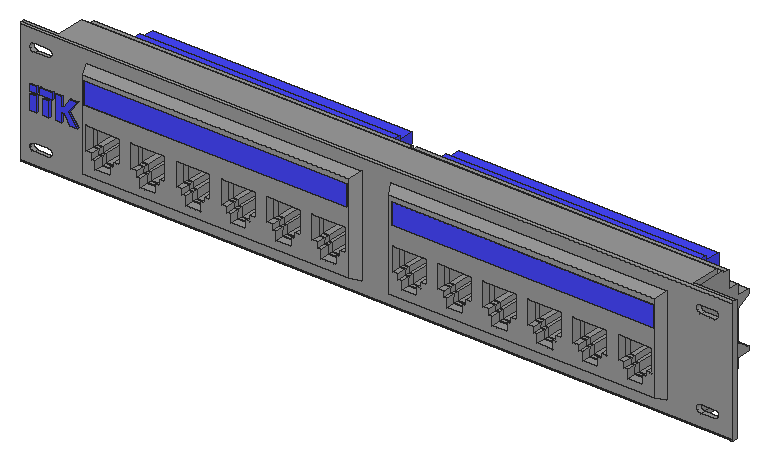
Revit family "ITK_Патч-панель_10-дюймовое крепление_1U_Неэкранированная", category Обобщенные модели, Revit 2019
Family settings
  Может служить основой для арматурных стержней = Нет
  Размер круглого соединителя = Использовать диаметр
  Тип детали = Нормальный
  На основе рабочей плоскости = Нет
  Всегда вертикально = Да
  При загрузке вырезать с полостями = Нет
  Общий = Нет
  Точка расчета площади = Нет
Parameters (values of type "PP12-1UC5EU-D05-10")
  Ширина = 254 mm
  Материал = Окраска - RAL 9005
  Изготовитель = "ITK"  # constant formula
  Дата изменения = ""
  Глубина = 29.7 mm
  Высота = 44.5 mm
  URL = "https://www.iek.ru/"
  KSI_CPr_Строительные изделия = "27.12.31.61.1.04.09-1090"  # constant formula
  KSI_CMa_Строительные материалы = "10.03.02.06"  # constant formula
  IEK_Цена за единицу = 972.95
  IEK_Поиск в таблице имен = ""
  IEK_Описание = "Двойная понятная маркировка IDC-модулей и портов.\r\nРасширенный частотный диапазон работы.\r\nУвеличенное количество циклов включения-отключения.\r\nСовместимы со всеми 10\" шкафами и стойками ITK.\r\nСоответствие международным стандартам и ГОСТ Р."
  IEK_URL = "https://www.itk-group.ru/produktsiya/catalog/oborudovanie_telekommunikatsionnoe/komponenty_sks_mednye/patch_paneli/patch_paneli_10/patch_paneli_10_neekranirovanye_utp/itk_1u_patch_panel_kat_5e_utp_12_portov_10_dual_idc"
  ADSK_Примечание = ""
  ADSK_Позиция [instance] = ""
  ADSK_Наименование = "ITK 1U патч-панель кат.5E UTP 12 портов 10\" Dual IDC"
  ADSK_Материал обозначение = ""
  ADSK_Материал наименование = "Металл и АБС-пластик"  # constant formula
  ADSK_Масса = 0.45
  ADSK_Марка = ""  # constant formula
  ADSK_Код изделия = "PP12-1UC5EU-D05-10"
  ADSK_Завод-изготовитель = "IEK"  # constant formula
  ADSK_Единица измерения = "шт"  # constant formula
  ADSK_Группирование = "I. ЩИТЫ И ПУЛЬТЫ"  # constant formula
  ADSK_Версия семейства = "1.0"  # constant formula
  ADSK_Версия Revit = "2019"  # constant formula
  ADSK_URL страницы изделия = "https://www.itk-group.ru/produktsiya/catalog/oborudovanie_telekommunikatsionnoe/komponenty_sks_mednye/patch_paneli/patch_paneli_10/patch_paneli_10_neekranirovanye_utp/"
Types (2, lengths in mm): name | IEK_Цена за единицу | IEK_URL | ADSK_Код изделия
  PP12-1UC5EU-D05-10 | 972.95 | "https://www.itk-group.ru/produktsiya/catalog/oborudovanie_telekommunikatsionnoe/komponenty_sks_mednye/patch_paneli/patch_paneli_10/patch_paneli_10_neekranirovanye_utp/itk_1u_patch_panel_kat_5e_utp_12_portov_10_dual_idc" | "PP12-1UC5EU-D05-10"
  PP12-1UC06U-D05-10 | 1195.7 | "https://www.itk-group.ru/produktsiya/catalog/oborudovanie_telekommunikatsionnoe/komponenty_sks_mednye/patch_paneli/patch_paneli_10/patch_paneli_10_neekranirovanye_utp/itk_1u_patch_panel_kat_6_utp_12_portov_10_dual_idc" | "PP12-1UC06U-D05-10"
Reference planes
  plane 1 "По центру (Вперед/Назад)": y = 0
  plane 2: z = 0
  plane 3 "По центру (Влево/Вправо)": x = 0
  plane 4: z = 44.5
  plane 5: y = 11.8
  plane 6: x = 118.2
  plane 7: z = 22.25
  plane 8: z = 38.15
  plane 9: z = 6.35
  plane 10: x = -119.5
  plane 11: x = -102
  plane 12: x = 102
  plane 13: z = 28.703
  plane 14: x = -127
  plane 15: x = 127
  plane 16: y = 25.677
Forms (mm)
  Extrusion 1, void
    sketch origin (0, 0, 0) x (1, 0, 0) y (0, 1, 0)
      loop
        line (-127, 11.8) -> (-127, 1.6) -> (-114.4, 1.6) -> (-114.4, 11.8) -> (-127, 11.8)
      loop
        line (127, 11.8) -> (112, 11.8) -> (112, 1.6) -> (127, 1.6) -> (127, 11.8)
    from 0 to 482.6
  Extrusion 2, solid, material "Окраска - RAL 9005" <- "Материал", detail levels fine
    sketch origin (-241.3, 0, 0) x (0, 1, 0) y (0, 0, 1)
      loop
        line (11.8, 44.5) -> (0.523, 44.5)
        arc (0.523, 44.5) -> (0.153, 44.347) -> (0, 43.977) r 0.523
        line (0, 43.977) -> (0, 0.507)
        arc (0, 0.507) -> (0.148, 0.148) -> (0.507, 0) r 0.507
        line (0.507, 0) -> (11.8, 0) -> (11.8, 1.6) -> (2.104, 1.6)
        arc (2.104, 1.6) -> (1.748, 1.748) -> (1.6, 2.104) r 0.504
        line (1.6, 2.104) -> (1.6, 42.358)
        arc (1.6, 42.358) -> (1.759, 42.741) -> (2.142, 42.9) r 0.542
        line (2.142, 42.9) -> (11.8, 42.9) -> (11.8, 44.5)
    from 114.3 to 368.3
  Extrusion 3, void
    sketch origin (0, 0, 0) x (1, 0, 0) y (0, 0, 1)
      loop
        line (120.7, 39.65) -> (115.7, 39.65)
        arc (115.7, 39.65) -> (114.2, 38.15) -> (115.7, 36.65) r 1.5
        line (115.7, 36.65) -> (120.7, 36.65)
        arc (120.7, 36.65) -> (122.2, 38.15) -> (120.7, 39.65) r 1.5
      loop
        arc (120.7, 4.85) -> (122.2, 6.35) -> (120.7, 7.85) r 1.5
        line (120.7, 7.85) -> (115.7, 7.85)
        arc (115.7, 7.85) -> (114.2, 6.35) -> (115.7, 4.85) r 1.5
        line (115.7, 4.85) -> (120.7, 4.85)
      loop
        arc (-122, 39.65) -> (-123.5, 38.15) -> (-122, 36.65) r 1.5
        line (-122, 36.65) -> (-117, 36.65)
        arc (-117, 36.65) -> (-115.5, 38.15) -> (-117, 39.65) r 1.5
        line (-117, 39.65) -> (-122, 39.65)
      loop
        line (-122, 4.85) -> (-117, 4.85)
        arc (-117, 4.85) -> (-115.5, 6.35) -> (-117, 7.85) r 1.5
        line (-117, 7.85) -> (-122, 7.85)
        arc (-122, 7.85) -> (-123.5, 6.35) -> (-122, 4.85) r 1.5
    from 0 to -2
  Extrusion 4, solid, material "Пластик белый", detail levels fine
    sketch origin (0, 0, 0) x (1, 0, 0) y (0, 0, 1)
      loop
        line (-101.609, 28.703) -> (-8.009, 28.703) -> (-8.009, 36.197) -> (-101.609, 36.197) -> (-101.609, 28.703)
      loop
        line (101.609, 28.703) -> (101.609, 36.197) -> (8.009, 36.197) -> (8.009, 28.703) -> (101.609, 28.703)
    from 3.3 to 0
  Extrusion 5, void
    sketch origin (0, 0, 0) x (1, 0, 0) y (0, 0, 1)
      loop
        line (-101.609, 36.197) -> (-101.609, 28.703) -> (-8.009, 28.703) -> (-8.009, 36.197) -> (-101.609, 36.197)
      loop
        line (101.609, 36.197) -> (8.009, 36.197) -> (8.009, 28.703) -> (101.609, 28.703) -> (101.609, 36.197)
    from 0.831 to 3.3
  Extrusion 6, void
    sketch origin (0, 0, 0) x (1, 0, 0) y (0, 0, 1)
      loop
        line (-100.954, 22.25) -> (-100.954, 13.941) -> (-98.938, 13.941) -> (-98.938, 12.066) -> (-97.693, 12.066) -> (-97.693, 9.145) -> (-92.157, 9.145) -> (-92.157, 12.066) -> (-90.913, 12.066) -> (-90.913, 13.941) -> (-88.896, 13.941) -> (-88.896, 22.25) -> (-100.954, 22.25)
      loop
        line (-24.446, 22.25) -> (-36.504, 22.25) -> (-36.504, 13.941) -> (-34.487, 13.941) -> (-34.487, 12.066) -> (-33.243, 12.066) -> (-33.243, 9.145) -> (-27.707, 9.145) -> (-27.707, 12.066) -> (-26.462, 12.066) -> (-26.462, 13.941) -> (-24.446, 13.941) -> (-24.446, 22.25)
      loop
        line (-68.729, 22.25) -> (-68.729, 13.941) -> (-66.712, 13.941) -> (-66.712, 12.066) -> (-65.468, 12.066) -> (-65.468, 9.145) -> (-59.932, 9.145) -> (-59.932, 12.066) -> (-58.688, 12.066) -> (-58.688, 13.941) -> (-56.671, 13.941) -> (-56.671, 22.25) -> (-68.729, 22.25)
      loop
        line (-84.842, 22.25) -> (-84.842, 13.941) -> (-82.825, 13.941) -> (-82.825, 12.066) -> (-81.581, 12.066) -> (-81.581, 9.145) -> (-76.045, 9.145) -> (-76.045, 12.066) -> (-74.8, 12.066) -> (-74.8, 13.941) -> (-72.783, 13.941) -> (-72.783, 22.25) -> (-84.842, 22.25)
      loop
        line (-40.558, 22.25) -> (-52.617, 22.25) -> (-52.617, 13.941) -> (-50.6, 13.941) -> (-50.6, 12.066) -> (-49.355, 12.066) -> (-49.355, 9.145) -> (-43.819, 9.145) -> (-43.819, 12.066) -> (-42.575, 12.066) -> (-42.575, 13.941) -> (-40.558, 13.941) -> (-40.558, 22.25)
      loop
        line (-8.333, 22.25) -> (-20.391, 22.25) -> (-20.391, 13.941) -> (-18.374, 13.941) -> (-18.374, 12.066) -> (-17.13, 12.066) -> (-17.13, 9.145) -> (-11.594, 9.145) -> (-11.594, 12.066) -> (-10.35, 12.066) -> (-10.35, 13.941) -> (-8.333, 13.941) -> (-8.333, 22.25)
      loop
        line (100.954, 22.25) -> (88.896, 22.25) -> (88.896, 13.941) -> (90.913, 13.941) -> (90.913, 12.066) -> (92.157, 12.066) -> (92.157, 9.145) -> (97.693, 9.145) -> (97.693, 12.066) -> (98.938, 12.066) -> (98.938, 13.941) -> (100.954, 13.941) -> (100.954, 22.25)
      loop
        line (24.446, 22.25) -> (24.446, 13.941) -> (26.462, 13.941) -> (26.462, 12.066) -> (27.707, 12.066) -> (27.707, 9.145) -> (33.243, 9.145) -> (33.243, 12.066) -> (34.487, 12.066) -> (34.487, 13.941) -> (36.504, 13.941) -> (36.504, 22.25) -> (24.446, 22.25)
      loop
        line (68.729, 22.25) -> (56.671, 22.25) -> (56.671, 13.941) -> (58.688, 13.941) -> (58.688, 12.066) -> (59.932, 12.066) -> (59.932, 9.145) -> (65.468, 9.145) -> (65.468, 12.066) -> (66.712, 12.066) -> (66.712, 13.941) -> (68.729, 13.941) -> (68.729, 22.25)
      loop
        line (84.842, 22.25) -> (72.783, 22.25) -> (72.783, 13.941) -> (74.8, 13.941) -> (74.8, 12.066) -> (76.045, 12.066) -> (76.045, 9.145) -> (81.581, 9.145) -> (81.581, 12.066) -> (82.825, 12.066) -> (82.825, 13.941) -> (84.842, 13.941) -> (84.842, 22.25)
      loop
        line (40.558, 22.25) -> (40.558, 13.941) -> (42.575, 13.941) -> (42.575, 12.066) -> (43.819, 12.066) -> (43.819, 9.145) -> (49.355, 9.145) -> (49.355, 12.066) -> (50.6, 12.066) -> (50.6, 13.941) -> (52.617, 13.941) -> (52.617, 22.25) -> (40.558, 22.25)
      loop
        line (8.333, 22.25) -> (8.333, 13.941) -> (10.35, 13.941) -> (10.35, 12.066) -> (11.594, 12.066) -> (11.594, 9.145) -> (17.13, 9.145) -> (17.13, 12.066) -> (18.374, 12.066) -> (18.374, 13.941) -> (20.391, 13.941) -> (20.391, 22.25) -> (8.333, 22.25)
    from 3.3 to -15
  Extrusion 7, solid, material "Условный материал-отделка", detail levels coarse+medium
    sketch origin (0, 0, 0) x (1, 0, 0) y (0, 0, 1)
      loop
        line (-127, 44.5) -> (-127, 0) -> (127, 0) -> (127, 44.5) -> (-127, 44.5)
    from -26.337 to 0
  Extrusion 8, solid, material "Пластик белый", detail levels fine
    sketch origin (-229.749, 0, 18.183) x (1, 0, 0) y (0, 0, 1)
      loop
        line (106.676, 5.29) -> (106.676, 0) -> (108.988, 0) -> (108.988, 5.29) -> (106.676, 5.29)
      loop
        line (113.492, 5.29) -> (111.314, 5.29) -> (111.314, 0) -> (113.492, 0) -> (113.492, 5.29)
      loop
        line (106.676, 6.027) -> (108.988, 6.027) -> (108.988, 8.272) -> (106.676, 8.272) -> (106.676, 6.027)
      loop
        line (115.867, 8.272) -> (115.867, 0) -> (118.047, 0) -> (118.047, 3.101) -> (118.88, 3.101) -> (120.894, 0) -> (123.551, 0) -> (120.541, 4.142) -> (123.551, 8.272) -> (120.894, 8.272) -> (118.88, 5.17) -> (118.047, 5.17) -> (118.047, 8.272) -> (115.867, 8.272)
      loop
        line (110.06, 6.027) -> (114.747, 6.027) -> (114.747, 8.272) -> (110.06, 8.272) -> (110.06, 6.027)
    from 0 to 0.554
  Blend 9, solid, material "Окраска - RAL 9005" <- "Материал", detail levels fine
    base sketch origin (0, 0, 0) x (1, 0, 0) y (0, 0, 1)
      loop
        line (-102, 38.15) -> (-102, 6.35) -> (-7.19, 6.35) -> (-7.19, 38.15) -> (-102, 38.15)
    top sketch origin (0, 0, 0) x (1, 0, 0) y (0, 0, 1)
      loop
        line (-103.412, 39.805) -> (-103.412, 4.805) -> (-5.119, 4.805) -> (-5.119, 39.805) -> (-103.412, 39.805)
    from 3.3 to 0
  Blend 10, solid, material "Окраска - RAL 9005" <- "Материал", detail levels fine
    base sketch origin (0, 0, 0) x (-1, 0, 0) y (0, 0, -1)
      loop
        line (-102, -38.15) -> (-7.19, -38.15) -> (-7.19, -6.35) -> (-102, -6.35) -> (-102, -38.15)
    top sketch origin (0, 0, 0) x (-1, 0, 0) y (0, 0, -1)
      loop
        line (-103.412, -39.805) -> (-5.119, -39.805) -> (-5.119, -4.805) -> (-103.412, -4.805) -> (-103.412, -39.805)
    from 3.3 to 0
  Extrusion 11, solid, material "Окраска - RAL 9005" <- "Материал", detail levels fine
    sketch origin (0, 0, 0) x (0, 1, 0) y (0, 0, 1)
      loop
        line (1.6, 42.9) -> (1.6, 1.6) -> (13.192, 1.6) -> (13.192, 2.496) -> (17.199, 2.496) -> (17.199, 8.75) -> (20.876, 8.75) -> (20.876, 12.299) -> (25.677, 12.299) -> (25.677, 14.028) -> (20.876, 16.8) -> (20.876, 27.7) -> (25.677, 30.472) -> (25.677, 32.201) -> (20.876, 32.201) -> (20.876, 35.75) -> (17.199, 35.75) -> (17.199, 42.004) -> (14.463, 42.004) -> (14.463, 42.9) -> (1.6, 42.9)
    from 112 to -114.4
  Extrusion 12, void
    sketch origin (0, 0, 0) x (1, 0, 0) y (0, 1, 0)
      loop
        line (-0.662, 25.677) -> (-0.662, 11.8) -> (0.662, 11.8) -> (0.662, 25.677) -> (-0.662, 25.677)
    from 44.5 to 0
  Extrusion 13, solid, material "Пластик белый", detail levels fine
    sketch origin (0, 0, 0) x (0, 1, 0) y (0, 0, 1)
      loop
        line (17.199, 41.019) -> (17.199, 35.75) -> (26.337, 35.75) -> (26.337, 39.528) -> (20.667, 39.528) -> (20.667, 41.019) -> (17.199, 41.019)
      loop
        line (17.199, 3.481) -> (20.667, 3.481) -> (20.667, 4.972) -> (26.337, 4.972) -> (26.337, 8.75) -> (17.199, 8.75) -> (17.199, 3.481)
    from 100.954 to 8.333
  Extrusion 14, solid, material "Пластик белый", detail levels fine
    sketch origin (0, 0, 0) x (0, 1, 0) y (0, 0, -1)
      loop
        line (17.199, -41.019) -> (20.667, -41.019) -> (20.667, -39.528) -> (26.337, -39.528) -> (26.337, -35.75) -> (17.199, -35.75) -> (17.199, -41.019)
      loop
        line (17.199, -3.481) -> (17.199, -8.75) -> (26.337, -8.75) -> (26.337, -4.972) -> (20.667, -4.972) -> (20.667, -3.481) -> (17.199, -3.481)
    from 100.954 to 8.333
Cuts and joins
  Extrusion 1, Extrusion 3, Extrusion 5, Extrusion 6 cuts Extrusion 2
  Extrusion 5, Extrusion 6 cuts Blend 9
  Extrusion 5, Extrusion 6 cuts Blend 10
  Extrusion 6, Extrusion 12 cuts Extrusion 11
Dimensions and locks
  plane 4 to level = 44.5 mm
  plane 5 to plane 1 "По центру (Вперед/Назад)" = 11.8 mm
  equal spacing: plane 14, plane 3 "По центру (Влево/Вправо)", plane 15
  "Ширина": plane 14 to plane 15
  "Высота": plane 4 to level
  plane 15 to plane 3 "По центру (Влево/Вправо)" to plane 14 = 127 mm, 127 mm
  plane 14 to plane 10 to plane 11 = 7.5 mm locked, 17.5 mm locked
  plane 12 to plane 6 to plane 15 = 16.2 mm locked, 8.8 mm locked
  aligned and locked: level to plane 2
  aligned and locked: Extrusion 5 sketch curve to Extrusion 4  (x3)
  aligned and locked: plane 14 to Extrusion 7
  aligned and locked: cut or joined group of Extrusion 1, Extrusion 2, Extrusion 3, Extrusion 5, Extrusion 6 to plane 14
  aligned and locked: plane 15 to cut or joined group of Extrusion 1, Extrusion 2, Extrusion 3, Extrusion 5, Extrusion 6
  aligned and locked: Extrusion 1 to Extrusion 2
  aligned and locked: Blend 9 to plane 1 "По центру (Вперед/Назад)"
  aligned and locked: plane 4 to Extrusion 12
  aligned and locked: plane 5 to Extrusion 12
  aligned and locked: cut or joined group of Extrusion 1, Extrusion 2, Extrusion 3, Extrusion 5, Extrusion 6 to Extrusion 13
  aligned and locked: Extrusion 13 to cut or joined group of Extrusion 1, Extrusion 2, Extrusion 3, Extrusion 5, Extrusion 6
  aligned and locked: cut or joined group of Extrusion 1, Extrusion 2, Extrusion 3, Extrusion 5, Extrusion 6 to Extrusion 14
  aligned and locked: Extrusion 14 to cut or joined group of Extrusion 1, Extrusion 2, Extrusion 3, Extrusion 5, Extrusion 6
Automatic sketch dimensions
  Extrusion 1 sketch curve to plane 14 = 0 mm
  plane 5 to Extrusion 1 sketch curve = 0 mm  (x2)
  Extrusion 1 sketch curve to plane 15 = 0 mm
  Extrusion 1 sketch curve to plane 1 "По центру (Вперед/Назад)" = 1.6 mm  (x2)
  plane 10 to Extrusion 1 sketch curve = 5.1 mm
  Extrusion 1 sketch curve to plane 6 = 6.2 mm
  Extrusion 2 sketch curve to plane 1 "По центру (Вперед/Назад)" = 0 mm
  Extrusion 2 sketch curve to level = 0 mm
  Extrusion 2 sketch curve to plane 4 = 0 mm
  Extrusion 2 sketch curve to plane 5 = 0 mm  (x2)
  level to Extrusion 2 sketch curve = 0.507 mm
  Extrusion 2 sketch curve to Extrusion 2 sketch curve = 0.523 mm
  Extrusion 2 sketch curve to plane 1 "По центру (Вперед/Назад)" = 1.6 mm
  Extrusion 2 sketch curve to Extrusion 2 sketch curve = 0.504 mm
  Extrusion 2 sketch curve to Extrusion 2 sketch curve = 0.542 mm
  level to Extrusion 2 sketch curve = 1.6 mm
  Extrusion 2 sketch curve to plane 4 = 2.142 mm
  Extrusion 3 sketch curve to plane 9 = 0 mm  (x2)
  Extrusion 3 sketch curve to plane 8 = 0 mm  (x2)
  Extrusion 3 sketch curve to plane 10 = 2.5 mm  (x2)
  plane 10 to Extrusion 3 sketch curve = 2.5 mm  (x2)
  Extrusion 3 sketch curve to plane 6 = 2.5 mm  (x2)
  plane 6 to Extrusion 3 sketch curve = 2.5 mm  (x2)
  Extrusion 3 sketch curve to plane 9 = 1.5 mm
  Extrusion 3 sketch curve to Extrusion 3 sketch curve = 1.5 mm  (x2)
  Extrusion 3 sketch curve to plane 8 = 1.5 mm
  Extrusion 4 sketch curve to plane 13 = 0 mm  (x2)
  plane 11 to Extrusion 4 sketch curve = 0.391 mm
  Extrusion 4 sketch curve to plane 8 = 1.953 mm  (x2)
  Extrusion 4 sketch curve to plane 3 "По центру (Влево/Вправо)" = 8.009 mm
  plane 3 "По центру (Влево/Вправо)" to Extrusion 4 sketch curve = 8.009 mm
  plane 12 to Extrusion 4 sketch curve = 0.391 mm
  Extrusion 5 sketch curve to plane 13 = 0 mm
  Extrusion 5 sketch curve to plane 3 "По центру (Влево/Вправо)" = 8.009 mm
  Extrusion 5 sketch curve to plane 8 = 1.953 mm
  plane 3 "По центру (Влево/Вправо)" to Extrusion 5 sketch curve = 8.009 mm
  plane 12 to Extrusion 5 sketch curve = 0.391 mm
  Extrusion 6 sketch curve to plane 7 = 0 mm  (x12)
  plane 11 to Extrusion 6 sketch curve = 1.046 mm
  Extrusion 6 sketch curve to Extrusion 6 sketch curve = 2.017 mm  (x22)
  Extrusion 6 sketch curve to Extrusion 6 sketch curve = 1.244 mm  (x24)
  Extrusion 6 sketch curve to Extrusion 6 sketch curve = 5.536 mm  (x11)
  Extrusion 6 sketch curve to Extrusion 6 sketch curve = 4.054 mm  (x10)
  Extrusion 6 sketch curve to plane 3 "По центру (Влево/Вправо)" = 8.333 mm
  plane 3 "По центру (Влево/Вправо)" to Extrusion 6 sketch curve = 8.333 mm
  plane 12 to Extrusion 6 sketch curve = 4.307 mm
  plane 12 to Extrusion 6 sketch curve = 1.046 mm
  plane 9 to Extrusion 6 sketch curve = 7.591 mm  (x14)
  Extrusion 6 sketch curve to Extrusion 6 sketch curve = 0 mm  (x10)
  Extrusion 6 sketch curve to Extrusion 6 sketch curve = 1.876 mm  (x24)
  plane 9 to Extrusion 6 sketch curve = 2.795 mm  (x12)
  Extrusion 7 sketch curve to level = 0 mm
  Extrusion 7 sketch curve to plane 14 = 0 mm
  Extrusion 7 sketch curve to plane 15 = 0 mm
  Extrusion 7 sketch curve to plane 4 = 0 mm
  plane 7 to Extrusion 8 sketch curve = 1.223 mm  (x2)
  Extrusion 8 sketch curve to plane 10 = 3.574 mm
  Extrusion 8 sketch curve to Extrusion 8 sketch curve = 0 mm  (x5)
  Extrusion 8 sketch curve to plane 10 = 1.261 mm
  Extrusion 8 sketch curve to plane 10 = 0.19 mm
  plane 10 to Extrusion 8 sketch curve = 1.065 mm
  Extrusion 8 sketch curve to Extrusion 8 sketch curve = 2.178 mm
  Extrusion 8 sketch curve to Extrusion 8 sketch curve = 1.255 mm
  Extrusion 8 sketch curve to Extrusion 8 sketch curve = 1.12 mm
  Extrusion 8 sketch curve to Extrusion 8 sketch curve = 2.18 mm  (x2)
  Extrusion 8 sketch curve to Extrusion 8 sketch curve = 0.834 mm  (x2)
  Extrusion 8 sketch curve to plane 7 = 0.965 mm
  plane 7 to Extrusion 8 sketch curve = 0.076 mm
  Extrusion 8 sketch curve to Extrusion 8 sketch curve = 1.661 mm
  Extrusion 8 sketch curve to plane 13 = 2.248 mm  (x2)
  Extrusion 8 sketch curve to Extrusion 8 sketch curve = 2.848 mm  (x2)
  Extrusion 8 sketch curve to Extrusion 8 sketch curve = 2.656 mm  (x2)
  Extrusion 8 sketch curve to plane 7 = 4.067 mm  (x2)
  plane 7 to Extrusion 8 sketch curve = 1.104 mm
  Extrusion 8 sketch curve to Extrusion 8 sketch curve = 0.737 mm  (x2)
  Extrusion 8 sketch curve to Extrusion 8 sketch curve = 2.244 mm
  Blend 9 sketch curve to plane 9 = 0 mm
  Blend 9 sketch curve to plane 11 = 0 mm
  Blend 9 sketch curve to plane 8 = 0 mm
  Blend 9 sketch curve to plane 3 "По центру (Влево/Вправо)" = 7.19 mm
  Blend 9 sketch curve to plane 11 = 1.412 mm
  Blend 9 sketch curve to plane 9 = 1.545 mm
  Blend 9 sketch curve to plane 3 "По центру (Влево/Вправо)" = 5.119 mm
  plane 8 to Blend 9 sketch curve = 1.655 mm
  Blend 10 sketch curve to plane 9 = 0 mm
  plane 12 to Blend 10 sketch curve = 0 mm
  Blend 10 sketch curve to plane 8 = 0 mm
  Blend 10 sketch curve to plane 3 "По центру (Влево/Вправо)" = 7.19 mm
  plane 12 to Blend 10 sketch curve = 1.412 mm
  plane 9 to Blend 10 sketch curve = 1.545 mm
  Blend 10 sketch curve to plane 3 "По центру (Влево/Вправо)" = 5.119 mm
  Blend 10 sketch curve to plane 8 = 1.655 mm
  Extrusion 11 sketch curve to plane 16 = 0 mm  (x2)
  Extrusion 11 sketch curve to plane 13 = 1.003 mm
  plane 16 to Extrusion 11 sketch curve = 4.801 mm  (x2)
  Extrusion 11 sketch curve to Extrusion 11 sketch curve = 0 mm
  Extrusion 11 sketch curve to plane 8 = 2.4 mm
  Extrusion 11 sketch curve to Extrusion 11 sketch curve = 3.677 mm
  level to Extrusion 11 sketch curve = 2.496 mm
  Extrusion 11 sketch curve to plane 5 = 5.399 mm
  Extrusion 11 sketch curve to plane 5 = 2.663 mm
  Extrusion 11 sketch curve to plane 5 = 1.392 mm
  Extrusion 11 sketch curve to plane 1 "По центру (Вперед/Назад)" = 1.6 mm
  level to Extrusion 11 sketch curve = 1.6 mm
  plane 9 to Extrusion 11 sketch curve = 2.4 mm
  Extrusion 11 sketch curve to Extrusion 11 sketch curve = 3.549 mm
  Extrusion 11 sketch curve to Extrusion 11 sketch curve = 1.729 mm  (x2)
  Extrusion 11 sketch curve to Extrusion 11 sketch curve = 4.501 mm
  plane 13 to Extrusion 11 sketch curve = 1.769 mm
  Extrusion 11 sketch curve to plane 4 = 2.496 mm
  Extrusion 11 sketch curve to Extrusion 11 sketch curve = 0.896 mm
  plane 5 to Extrusion 12 sketch curve = 0 mm
  plane 16 to Extrusion 12 sketch curve = 0 mm
  Extrusion 12 sketch curve to plane 3 "По центру (Влево/Вправо)" = 0.662 mm
  plane 3 "По центру (Влево/Вправо)" to Extrusion 12 sketch curve = 0.662 mm
  Extrusion 13 sketch curve to plane 5 = 5.399 mm  (x2)
  plane 9 to Extrusion 13 sketch curve = 2.4 mm
  Extrusion 13 sketch curve to plane 9 = 1.378 mm
  Extrusion 13 sketch curve to Extrusion 13 sketch curve = 3.468 mm  (x2)
  plane 8 to Extrusion 13 sketch curve = 1.378 mm
  Extrusion 13 sketch curve to plane 16 = 0.66 mm  (x2)
  Extrusion 13 sketch curve to plane 9 = 2.869 mm
  Extrusion 13 sketch curve to plane 8 = 2.4 mm
  plane 8 to Extrusion 13 sketch curve = 2.869 mm
  Extrusion 14 sketch curve to plane 5 = 5.399 mm  (x2)
  plane 9 to Extrusion 14 sketch curve = 2.4 mm
  Extrusion 14 sketch curve to plane 9 = 1.378 mm
  Extrusion 14 sketch curve to Extrusion 14 sketch curve = 3.468 mm  (x2)
  plane 8 to Extrusion 14 sketch curve = 1.378 mm
  Extrusion 14 sketch curve to plane 16 = 0.66 mm  (x2)
  plane 8 to Extrusion 14 sketch curve = 2.869 mm
  Extrusion 14 sketch curve to plane 8 = 2.4 mm
  Extrusion 14 sketch curve to plane 9 = 2.869 mm
